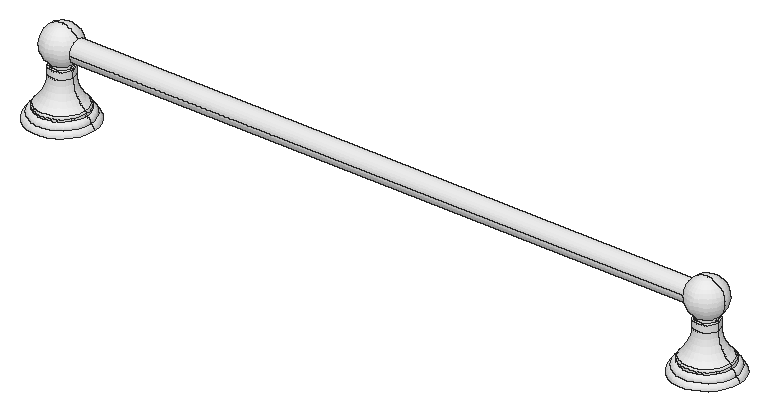
Revit family "Towel_Bar-DXV-Ashbee-D35101240_Series", category Specialty Equipment, host Face, Revit 2014
Parameters (values of type "D35101240.100")
  Width = 23 5/8"
  Warranty Documentation Link = "https://www.dxv.com/-/media/files/dxv/warranty/dxv_warranty_booklet.ashx"
  URL = "http://www.dxv.com/"
  Type Comments = ""
  Revised Date = "01/25/2017"  # constant formula
  Product Page URL = "http://www.dxv.com/product/ashbee-24-inch-towel-bar-by-dxv"
  Product Documentation Link = "http://dxv01.blob.core.windows.net/dxv-product-pdf-files/spec_D35101240_DXV_Ashbee_towel_bar_EN.pdf"
  Price = "Prices may vary. Please consult Manufacturer Representative for most up-to-date price list."  # constant formula
  Model = "D35101240.100"
  Material = "Brass-DXV-100-Polished Chrome"
  Manufacturer = "DXV"
  Length = 3 1/8"
  Installation Type = "Surface Mounted"
  Height = 2 3/8"
  Finish = Brass-DXV-100-Polished Chrome
  Description = "Ashbee 24\" Towel Bar"
  Default Elevation = 40"
  Assembly Code = "C1030200"
Types (4): name | Model | Material | Finish
  (no name) | "D35101240.100" | "Brass-DXV-100-Polished Chrome" | Brass-DXV-100-Polished Chrome
  D35101240.100 | "D35101240.100" | "Brass-DXV-100-Polished Chrome" | Brass-DXV-100-Polished Chrome
  D35101240.144 | "D35101240.144" | "Brass-DXV-144-Brushed Nickel" | Brass-DXV-144-Brushed Nickel
  D35101240.150 | "D35101240.150" | "Brass-DXV-150-Platinum Nickel" | Brass-DXV-150-Platinum Nickel
Reference planes (in)
  plane 1 "Center (Front/Back)": y = 0
  plane 2: z = 0
  plane 3 "Center (Left/Right)": x = 0
  plane 4: x = -11.8125
  plane 5: x = 11.8125
  plane 6: z = 3.125
  plane 7: z = 2.4269
  plane 8: y = 1.1875
  plane 9: y = -1.1875
Forms (in)
  Revolve 1, solid, material "Brass-DXV-100-Polished Chrome" <- "Finish"
    sketch origin (0, 0, 0) x (1, 0, 0) y (0, 0, 1)
      loop
        line (11.8125, 3.125) -> (11.8125, 0) -> (13, 0)
        arc (13, 0) -> (12.95694, 0.11461) -> (12.85857, 0.1875) r 0.21638
        arc (12.85857, 0.1875) -> (12.81901, 0.31746) -> (12.69595, 0.375) r 0.16698
        line (12.69595, 0.375) -> (12.69595, 0.45001)
        arc (12.69595, 0.45001) -> (12.68647, 0.49457) -> (12.65967, 0.53141) r 0.10947
        arc (12.65967, 0.53141) -> (12.34487, 0.96419) -> (12.2335, 1.48764) r 1.28587
        line (12.2335, 1.48764) -> (12.2335, 1.73791)
        arc (12.2335, 1.73791) -> (12.22399, 1.76087) -> (12.20103, 1.77038) r 0.03247
        line (12.20103, 1.77038) -> (12.14849, 1.77038) -> (12.14849, 1.86553)
        arc (12.14849, 1.86553) -> (12.46426, 2.62432) -> (11.8125, 3.125) r 0.67455
      axis (11.8125, 3.125) -> (11.8125, 0)
    angle from 0 to 360
  Revolve 2, solid, material "Brass-DXV-100-Polished Chrome" <- "Finish"
    sketch origin (0, 0, 0) x (-1, 0, 0) y (0, 0, -1)
      loop
        arc (11.8125, -3.125) -> (12.46426, -2.62432) -> (12.14849, -1.86553) r 0.67455
        line (12.14849, -1.86553) -> (12.14849, -1.77038) -> (12.20103, -1.77038)
        arc (12.20103, -1.77038) -> (12.22399, -1.76087) -> (12.2335, -1.73791) r 0.03247
        line (12.2335, -1.73791) -> (12.2335, -1.48764)
        arc (12.2335, -1.48764) -> (12.34487, -0.96419) -> (12.65967, -0.53141) r 1.28587
        arc (12.65967, -0.53141) -> (12.68647, -0.49457) -> (12.69595, -0.45001) r 0.10947
        line (12.69595, -0.45001) -> (12.69595, -0.375)
        arc (12.69595, -0.375) -> (12.81901, -0.31746) -> (12.85857, -0.1875) r 0.16698
        arc (12.85857, -0.1875) -> (12.95694, -0.11461) -> (13, 0) r 0.21638
        line (13, 0) -> (11.8125, 0) -> (11.8125, -3.125)
      axis (11.8125, -3.125) -> (11.8125, 0)
    angle from 0 to 360
  Extrusion 3, solid, material "Brass-DXV-100-Polished Chrome" <- "Finish"
    sketch origin (0, 0, -0.06837) x (0, 1, 0) y (0, 0, 1)
      loop
        circle (0, 2.49527) r 0.375
    from -11.8125 to 11.8125
Cuts and joins
  joined: Revolve 1, Revolve 2, Extrusion 3
Lines and regions (in)
  Masking region 1
    outline origin (0, 0, 0) x (1, 0, 0) y (0, 0, 1)
      loop
        line (10.625, 0) -> (13, 0)
        arc (13, 0) -> (12.95694, 0.11461) -> (12.85857, 0.1875) r 0.21638
        arc (12.85857, 0.1875) -> (12.81901, 0.31746) -> (12.69595, 0.375) r 0.16698
        line (12.69595, 0.375) -> (12.69595, 0.45001)
        arc (12.69595, 0.45001) -> (12.68647, 0.49457) -> (12.65967, 0.53141) r 0.10947
        arc (12.65967, 0.53141) -> (12.34487, 0.96419) -> (12.2335, 1.48764) r 1.28587
        line (12.2335, 1.48764) -> (12.2335, 1.73791)
        arc (12.2335, 1.73791) -> (12.22399, 1.76087) -> (12.20103, 1.77038) r 0.03247
        line (12.20103, 1.77038) -> (12.14849, 1.77038) -> (12.14849, 1.86553)
        arc (12.14849, 1.86553) -> (12.29579, 2.92104) -> (11.23674, 2.8019) r 0.67455
        line (11.23674, 2.8019) -> (-11.23674, 2.8019)
        arc (-11.23674, 2.8019) -> (-12.29579, 2.92104) -> (-12.14849, 1.86553) r 0.67455
        line (-12.14849, 1.86553) -> (-12.14849, 1.77038) -> (-12.20103, 1.77038)
        arc (-12.20103, 1.77038) -> (-12.22399, 1.76087) -> (-12.2335, 1.73791) r 0.03247
        line (-12.2335, 1.73791) -> (-12.2335, 1.48764)
        arc (-12.2335, 1.48764) -> (-12.34487, 0.96419) -> (-12.65967, 0.53141) r 1.28587
        arc (-12.65967, 0.53141) -> (-12.68647, 0.49457) -> (-12.69595, 0.45001) r 0.10947
        line (-12.69595, 0.45001) -> (-12.69595, 0.375)
        arc (-12.69595, 0.375) -> (-12.81901, 0.31746) -> (-12.85857, 0.1875) r 0.16698
        arc (-12.85857, 0.1875) -> (-12.95694, 0.11461) -> (-13, 0) r 0.21638
        line (-13, 0) -> (-10.625, 0)
        arc (-10.625, 0) -> (-10.66806, 0.11461) -> (-10.76643, 0.1875) r 0.21638
        arc (-10.76643, 0.1875) -> (-10.80599, 0.31746) -> (-10.92905, 0.375) r 0.16698
        line (-10.92905, 0.375) -> (-10.92905, 0.45001)
        arc (-10.92905, 0.45001) -> (-10.93853, 0.49457) -> (-10.96533, 0.53141) r 0.10947
        arc (-10.96533, 0.53141) -> (-11.28013, 0.96419) -> (-11.3915, 1.48764) r 1.28587
        line (-11.3915, 1.48764) -> (-11.3915, 1.73791)
        arc (-11.3915, 1.73791) -> (-11.40101, 1.76087) -> (-11.42397, 1.77038) r 0.03247
        line (-11.42397, 1.77038) -> (-11.47651, 1.77038) -> (-11.47651, 1.86553)
        arc (-11.47651, 1.86553) -> (-11.36263, 1.94781) -> (-11.26828, 2.0519) r 0.67455
        line (-11.26828, 2.0519) -> (11.26828, 2.0519)
        arc (11.26828, 2.0519) -> (11.36263, 1.94781) -> (11.47651, 1.86553) r 0.67455
        line (11.47651, 1.86553) -> (11.47651, 1.77038) -> (11.42397, 1.77038)
        arc (11.42397, 1.77038) -> (11.40101, 1.76087) -> (11.3915, 1.73791) r 0.03247
        line (11.3915, 1.73791) -> (11.3915, 1.48764)
        arc (11.3915, 1.48764) -> (11.28013, 0.96419) -> (10.96533, 0.53141) r 1.28587
        arc (10.96533, 0.53141) -> (10.93853, 0.49457) -> (10.92905, 0.45001) r 0.10947
        line (10.92905, 0.45001) -> (10.92905, 0.375)
        arc (10.92905, 0.375) -> (10.80599, 0.31746) -> (10.76643, 0.1875) r 0.16698
        arc (10.76643, 0.1875) -> (10.66806, 0.11461) -> (10.625, 0) r 0.21638
  symbolic lines, detail levels medium+fine
    curve 1: arc (11.23674, 0, 2.80191) -> (11.29213, 0, 2.42856) -> (11.26828, 0, 2.05188) r 1.79613
    curve 2: arc (-11.23674, 0, 2.80191) -> (-11.29213, 0, 2.42856) -> (-11.26828, 0, 2.05188) r 1.79613
    curve 3: line (-11.47651, 0, 1.77038) -> (-12.14849, 0, 1.77038)
    curve 4: line (-11.47651, 0, 1.86553) -> (-12.14849, 0, 1.86553)
    curve 5: line (12.14849, 0, 1.86553) -> (11.47651, 0, 1.86553)
    curve 6: line (11.47651, 0, 1.77038) -> (12.14849, 0, 1.77038)
  symbolic lines, detail levels fine
    curve 7: line (12.85857, 0, 0.1875) -> (10.76643, 0, 0.1875)
    curve 8: line (10.92905, 0, 0.375) -> (12.69595, 0, 0.375)
    curve 9: line (-12.85857, 0, 0.1875) -> (-10.76643, 0, 0.1875)
    curve 10: line (-10.92905, 0, 0.375) -> (-12.69595, 0, 0.375)
Dimensions and locks (in)
  "Width": plane 5 to plane 4
  "Length": host face to plane 6
  "Height": plane 8 to plane 9
  aligned and locked: plane 2 to host face
  aligned and locked: level to host face
Automatic sketch dimensions
  curve 2 to plane 7 = 0.0738"
  plane 4 to curve 2 = 2.31491"
  curve 1 to plane 7 = 0.0738"
  curve 1 to plane 5 = 2.31491"
  level to curve 9 = 3/16"
  plane 4 to curve 9 = 1.04607"
  curve 10 to curve 9 = 0.16263"
  plane 4 to curve 2 = 0.57576"
  curve 2 to plane 7 = 3/8"
  plane 4 to curve 2 = 0.54422"
  plane 4 to curve 3 = 0.33599"
  curve 4 to curve 3 = 0"  (x2)
  curve 3 to plane 4 = 0.33599"
  level to curve 10 = 3/8"
  curve 10 to plane 4 = 0.88345"
  curve 9 to curve 10 = 0.16263"
  level to curve 7 = 3/16"
  curve 7 to plane 5 = 1.04607"
  curve 7 to curve 8 = 0.16263"
  curve 1 to plane 5 = 0.57576"
  curve 1 to plane 7 = 3/8"
  curve 1 to plane 5 = 0.54422"
  curve 6 to plane 5 = 0.33599"
  curve 5 to curve 6 = 0"  (x2)
  plane 5 to curve 6 = 0.33599"
  level to curve 8 = 3/8"
  plane 5 to curve 8 = 0.88345"
  curve 8 to curve 7 = 0.16263"
  curve 4 to plane 7 = 0.56137"
  curve 5 to plane 7 = 0.56137"
  curve 3 to curve 4 = 0.09515"
  curve 6 to curve 5 = 0.09515"
  host sketch curve to host sketch curve = 96"  (x2)
  Revolve 1 sketch curve to plane 5 = 0"  (x2)
  Revolve 1 sketch curve to level = 0"
  Revolve 1 sketch curve to plane 6 = 0"
  plane 5 to Revolve 1 sketch curve = 0.33599"
  Revolve 1 sketch curve to Revolve 1 sketch curve = 0.05254"
  Revolve 1 sketch curve to Revolve 1 sketch curve = 0.03247"
  plane 5 to Revolve 1 sketch curve = 0.77398"
  Revolve 1 sketch curve to Revolve 1 sketch curve = 0.10639"
  Revolve 1 sketch curve to Revolve 1 sketch curve = 0.10947"
  Revolve 1 sketch curve to level = 0.0157"
  Revolve 1 sketch curve to Revolve 1 sketch curve = 0.09132"
  Revolve 1 sketch curve to Revolve 1 sketch curve = 0.21581"
  Revolve 1 sketch curve to Revolve 1 sketch curve = 1.28587"
  level to Revolve 1 sketch curve = 0.20805"
  Revolve 1 sketch curve to Revolve 1 sketch curve = 0.16695"
  Revolve 1 sketch curve to Revolve 1 sketch curve = 0.07501"
  Revolve 1 sketch curve to plane 7 = 0.93926"
  Revolve 1 sketch curve to Revolve 1 sketch curve = 0.25027"
  Revolve 1 sketch curve to Revolve 1 sketch curve = 0.09515"
  Revolve 1 sketch curve to plane 6 = 0.20898"
  Revolve 1 sketch curve to Revolve 1 sketch curve = 0.12412"
  Revolve 2 sketch curve to plane 4 = 0"  (x2)
  Revolve 2 sketch curve to level = 0"
  Revolve 2 sketch curve to plane 6 = 0"
  Revolve 2 sketch curve to plane 4 = 0.33599"
  Revolve 2 sketch curve to Revolve 2 sketch curve = 0.05254"
  Revolve 2 sketch curve to Revolve 2 sketch curve = 0.03247"
  Revolve 2 sketch curve to plane 4 = 0.77398"
  Revolve 2 sketch curve to Revolve 2 sketch curve = 0.10639"
  Revolve 2 sketch curve to Revolve 2 sketch curve = 0.10947"
  Revolve 2 sketch curve to level = 0.0157"
  Revolve 2 sketch curve to Revolve 2 sketch curve = 0.09132"
  Revolve 2 sketch curve to Revolve 2 sketch curve = 0.21581"
  Revolve 2 sketch curve to Revolve 2 sketch curve = 1.28587"
  plane 7 to Revolve 2 sketch curve = 0.02355"
  Revolve 2 sketch curve to Revolve 2 sketch curve = 0.09515"
  Revolve 2 sketch curve to Revolve 2 sketch curve = 0.25027"
  level to Revolve 2 sketch curve = 0.45001"
  Revolve 2 sketch curve to Revolve 2 sketch curve = 0.07501"
  Revolve 2 sketch curve to Revolve 2 sketch curve = 0.16695"
  Revolve 2 sketch curve to Revolve 2 sketch curve = 0.20898"
  Revolve 2 sketch curve to Revolve 2 sketch curve = 0.12412"
  Extrusion 3 sketch curve to plane 1 "Center (Front/Back)" = 0"
  Extrusion 3 sketch curve to plane 7 = 0"
  Masking region 1 sketch curve to Masking region 1 sketch curve = 0"  (x6)
  Masking region 1 sketch curve to level = 0"  (x2)
  Masking region 1 sketch curve to plane 4 = 0"
  Masking region 1 sketch curve to plane 5 = 0"
  Masking region 1 sketch curve to plane 4 = 0.33599"
  Masking region 1 sketch curve to Masking region 1 sketch curve = 0.05254"  (x4)
  Masking region 1 sketch curve to Masking region 1 sketch curve = 0.03247"  (x4)
  Masking region 1 sketch curve to plane 4 = 0.77398"
  Masking region 1 sketch curve to Masking region 1 sketch curve = 0.10639"  (x3)
  Masking region 1 sketch curve to Masking region 1 sketch curve = 0.10947"  (x4)
  Masking region 1 sketch curve to level = 0.0157"  (x4)
  Masking region 1 sketch curve to Masking region 1 sketch curve = 0.09132"  (x3)
  Masking region 1 sketch curve to Masking region 1 sketch curve = 0.21581"  (x4)
  Masking region 1 sketch curve to Masking region 1 sketch curve = 1.28587"  (x3)
  plane 4 to Masking region 1 sketch curve = 0.33599"
  Masking region 1 sketch curve to Masking region 1 sketch curve = 0.20823"
  plane 4 to Masking region 1 sketch curve = 0.57576"
  plane 4 to Masking region 1 sketch curve = 0.77398"
  Masking region 1 sketch curve to plane 5 = 1.70687"
  Masking region 1 sketch curve to plane 5 = 1 3/16"
  Masking region 1 sketch curve to Masking region 1 sketch curve = 0.08824"
  Masking region 1 sketch curve to Masking region 1 sketch curve = 0.00309"
  Masking region 1 sketch curve to plane 5 = 0.57576"
  Masking region 1 sketch curve to plane 5 = 0.54422"
  Masking region 1 sketch curve to plane 5 = 0.421"
  plane 5 to Masking region 1 sketch curve = 0.33599"
  plane 5 to Masking region 1 sketch curve = 0.77398"
  level to Masking region 1 sketch curve = 0.20805"  (x4)
  Masking region 1 sketch curve to Masking region 1 sketch curve = 0.16695"  (x4)
  Masking region 1 sketch curve to Masking region 1 sketch curve = 0.07501"  (x4)
  Masking region 1 sketch curve to plane 7 = 0.93926"  (x2)
  Masking region 1 sketch curve to Masking region 1 sketch curve = 0.25027"  (x4)
  Masking region 1 sketch curve to Masking region 1 sketch curve = 0.09515"  (x3)
  Masking region 1 sketch curve to Masking region 1 sketch curve = 0.18637"
  radius of Extrusion 3 sketch curve = 3/8"
